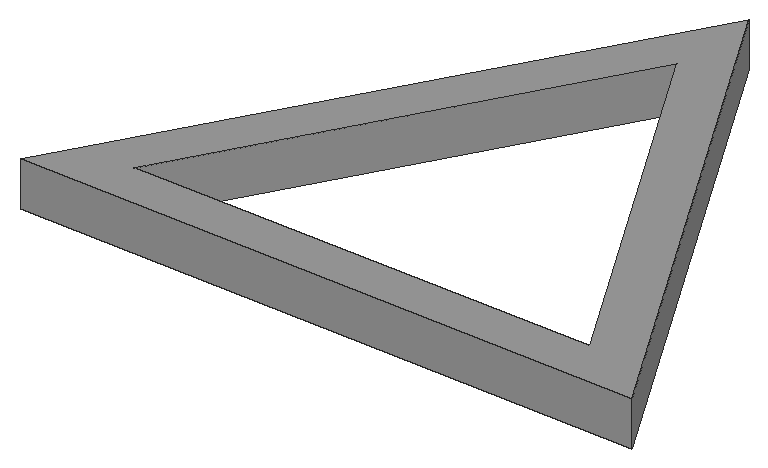
Revit family "Tria Light", category Lighting Fixtures, Revit 2022
Family settings
  Round Connector Dimension = Use Diameter
  Part Type = Normal
  OmniClass Number = 23.80.70.00
  OmniClass Title = Lighting
  Work Plane-Based = No
  Always vertical = Yes
  Cut with Voids When Loaded = No
  Light Source = Yes
  Maintain Annotation Orientation = No
  Shared = No
  Room Calculation Point = No
Parameters (values of type "TRIA-180W-4000K-WH")
  Wattage Comments = "180W"
  Wattage = 121.178 W
  built-in parameter 1150110 = 1 (stored number, unit not read)
  URL = "https://www.abovealllighting.com/Product/LED-INDOOR-FIXTURE/Pendant/TRIAPendantLight.html"
  built-in parameter 1114217 = 1 (stored number, unit not read)
  Tilt Angle = 90.00°
  built-in parameter 1150109 = 1 (stored number, unit not read)
  built-in parameter 1150134 = 12
  built-in parameter 1150113 = 1 (stored number, unit not read)
  Power Factor = "0.9"
  Photometric Web File = "TRIA-25-40901.ies"
  Model = "TRIA-18040901-ACPMK-WH"
  Manufacturer = "Above All Lighting"  # constant formula
  Lumens = 18000 lm
  built-in parameter 1150115 = 1 (stored number, unit not read)
  built-in parameter 1150105 = 3321.1 (stored number, unit not read)
  Load Classification = Lighting
  built-in parameter 1150137 = (empty or 0)
  built-in parameter 1150139 = (empty or 0)
  built-in parameter 1150112 = 1 (stored number, unit not read)
  built-in parameter 1150114 = 1 (stored number, unit not read)
  Lamp = "LED"
  Input Voltage = "120-277V"
  built-in parameter 1150132 = 2
  built-in parameter 1150102 = (empty or 0)
  built-in parameter 1150138 = (empty or 0)
  built-in parameter 1150107 = 4000 (stored number, unit not read)
  built-in parameter 1150106 = 33.211 (stored number, unit not read)
  built-in parameter 1150104 = 13.8 (stored number, unit not read)
  Dimming Lamp Color Temperature Shift = <None>
  Default Elevation = 0' - 0"
  Color Filter = 16777215
  CRI = "90"
  built-in parameter 1114218 = 1 (stored number, unit not read)
  built-in parameter 1150133 = 10 (stored number, unit not read)
  90W = no
  40W = no
  25W = no
  180W = yes
Types (5): name | Wattage Comments | Wattage | Model | Lumens | built-in parameter 1150105 | built-in parameter 1150106 | 90W | 40W | 25W | 180W
  (no name) | "180W" | 121.178 W | "TRIA-18040901-ACPMK-WH" | 18000 lm | 3321.1 (stored number, unit not read) | 33.211 (stored number, unit not read) | no | no | no | yes
  TRIA-25W-4000K-WH | "25W" | 16.8303 W | "TRIA-2540901-ACPMK-WH" | 2500 lm | 198.94 (stored number, unit not read) | 1.9894 (stored number, unit not read) | no | no | yes | no
  TRIA-40W-4000K-WH | "40W" | 26.9284 W | "TRIA-4040901-ACPMK-WH" | 4000 lm | 738.02 (stored number, unit not read) | 7.3802 (stored number, unit not read) | no | yes | no | no
  TRIA-90W-4000K-WH | "90W" | 60.5889 W | "TRIA-9040901-ACPMK-WH" | 9000 lm | 1660.6 (stored number, unit not read) | 16.606 (stored number, unit not read) | yes | no | no | no
  TRIA-180W-4000K-WH | "180W" | 121.178 W | "TRIA-18040901-ACPMK-WH" | 18000 lm | 3321.1 (stored number, unit not read) | 33.211 (stored number, unit not read) | no | no | no | yes
Reference planes (in)
  plane 1 "Light Source Axis (F/B)": y = 0
  plane 2: z = 0
  plane 3 "Light Source Axis (L/R)": x = 0
  plane 4 "Light Source Elevation": z = 54
Dimensions and locks (in)
  aligned and locked: plane 3 "Light Source Axis (L/R)" to imposter light
  aligned and locked: plane 1 "Light Source Axis (F/B)" to imposter light
  aligned and locked: plane 4 "Light Source Elevation" to imposter light
  aligned and locked: level to plane 2
Nested families (in)
  nested 1: "25W Tria Light" at (0, 0, 0), visible <- "25W", type "25W Tria Light"
  nested 2: "40W Tria Light" at (0, 0, 0), visible <- "40W", type "40W Tria Light"
  nested 3: "90W Tria Light" at (0, 0, 0), visible <- "90W", type "90W Tria Light"
  nested 4: "180W Tria Light" at (0, 0, 0), visible <- "180W", type "180W Tria Light"
Definition of nested family "25W Tria Light"
  Parameters (values of type "25W Tria Light")
    Power Factor = ""
    Manufacturer = "Above All Lighting"  # constant formula
    Load Classification = none
    Lamp = "LED"
    Input Voltage = ""
    IP Rating = ""
    Default Elevation = 0' - 0"
    CRI = ""
  Reference planes (in)
    plane 1 "Light Source Axis (F/B)": y = 0
    plane 2: z = 0
    plane 3 "Light Source Axis (L/R)": x = 0
    plane 4 "Light Source Elevation": z = 54
  Forms (in)
    Extrusion 1, solid
      sketch origin (0, -4.73239, 54) x (1, 0, 0) y (0, 1, 0)
        loop
          line (-8.2, 0) -> (8.2, 0) -> (0, 14.2) -> (-8.2, 0)
        loop
          line (-4.78969, 1.96875) -> (4.78969, 1.96875) -> (0, 10.26309) -> (-4.78969, 1.96875)
      from 0 to 3
    Extrusion 2, void
      sketch origin (0, 0, 54) x (1, 0, 0) y (0, 1, 0)
        loop
          line (0, 9.21764) -> (-7.98347, -4.60739) -> (7.98347, -4.60739) -> (0, 9.21764)
        loop
          line (-5.00621, -2.88864) -> (5.00621, -2.88864) -> (0, 5.78065) -> (-5.00621, -2.88864)
      from 0 to 2
    Extrusion 3, solid
      sketch origin (0, 0, 54) x (1, 0, 0) y (0, 1, 0)
        loop
          line (0, 9.21764) -> (-7.98347, -4.60739) -> (7.98347, -4.60739) -> (0, 9.21764)
        loop
          line (0, 5.78065) -> (-5.00621, -2.88864) -> (5.00621, -2.88864) -> (0, 5.78065)
      from 0 to 0.125
  Cuts and joins
    Extrusion 2 cuts Extrusion 1
  Dimensions and locks (in)
    aligned and locked: level to plane 2
Definition of nested family "40W Tria Light"
  Parameters (values of type "40W Tria Light")
    Power Factor = ""
    Manufacturer = "Above All Lighting"  # constant formula
    Load Classification = none
    Lamp = "LED"
    Input Voltage = ""
    IP Rating = ""
    Default Elevation = 0' - 0"
    CRI = ""
  Reference planes (in)
    plane 1 "Light Source Axis (F/B)": y = 0
    plane 2: z = 0
    plane 3 "Light Source Axis (L/R)": x = 0
    plane 4 "Light Source Elevation": z = 54
  Forms (in)
    Extrusion 1, solid
      sketch origin (0, -5.91901, 54) x (1, 0, 0) y (0, 1, 0)
        loop
          line (-10.25, 0) -> (10.25, 0) -> (0, 17.75) -> (-10.25, 0)
        loop
          line (-6.83969, 1.96875) -> (6.83969, 1.96875) -> (0, 13.81309) -> (-6.83969, 1.96875)
      from 0 to 3
    Extrusion 2, solid
      sketch origin (0, 2.36338, 54) x (1, 0, 0) y (0, 1, 0)
        loop
          line (0, 9.21764) -> (-10.03347, -8.15739) -> (10.03347, -8.15739) -> (0, 9.21764)
        loop
          line (0, 5.78065) -> (-7.05621, -6.43864) -> (7.05621, -6.43864) -> (0, 5.78065)
      from 0 to 0.125
    Extrusion 3, void
      sketch origin (0, -1.18662, 54) x (1, 0, 0) y (0, 1, 0)
        loop
          line (0, 12.76764) -> (-10.03347, -4.60739) -> (10.03347, -4.60739) -> (0, 12.76764)
        loop
          line (0, 9.33065) -> (-7.05621, -2.88864) -> (7.05621, -2.88864) -> (0, 9.33065)
      from 0 to 2
  Cuts and joins
    Extrusion 3 cuts Extrusion 1
  Dimensions and locks (in)
    aligned and locked: level to plane 2
Definition of nested family "90W Tria Light"
  Parameters (values of type "90W Tria Light")
    Power Factor = ""
    Manufacturer = "Above All Lighting"  # constant formula
    Load Classification = none
    Lamp = "LED"
    Input Voltage = ""
    IP Rating = ""
    Default Elevation = 0' - 0"
    CRI = ""
  Reference planes (in)
    plane 1 "Light Source Axis (F/B)": y = 0
    plane 2: z = 0
    plane 3 "Light Source Axis (L/R)": x = 0
    plane 4 "Light Source Elevation": z = 54
  Forms (in)
    Extrusion 1, solid
      sketch origin (0, -8.82229, 54) x (1, 0, 0) y (0, 1, 0)
        loop
          line (-14.37559, 0) -> (16.32441, 0) -> (0, 26.6) -> (-14.37559, 0)
        loop
          line (0.16505, 20.59553) -> (-9.34421, 3) -> (10.96342, 3) -> (0.16505, 20.59553)
      from 0 to 3
    Extrusion 2, solid
      sketch origin (0.00688, 8.30988, 54) x (1, 0, 0) y (0, 1, 0)
        loop
          line (0, 9.21764) -> (-14.17283, -17.00717) -> (16.09416, -17.00717) -> (0, 9.21764)
        loop
          line (0.15129, 3.71354) -> (-9.56072, -14.25717) -> (11.17991, -14.25717) -> (0.15129, 3.71354)
      from 0 to 0.125
    Extrusion 3, void
      sketch origin (0, -2.90328, 54) x (1, 0, 0) y (0, 1, 0)
        loop
          line (0.00688, 20.4308) -> (-14.16595, -5.79401) -> (16.10103, -5.79401) -> (0.00688, 20.4308)
        loop
          line (0.15817, 14.9267) -> (-9.55385, -3.04401) -> (11.18679, -3.04401) -> (0.15817, 14.9267)
      from 0 to 2
  Cuts and joins
    Extrusion 3 cuts Extrusion 1
  Dimensions and locks (in)
    aligned and locked: level to plane 2
Definition of nested family "180W Tria Light"
  Parameters (values of type "180W Tria Light")
    Power Factor = ""
    Manufacturer = "Above All Lighting"  # constant formula
    Load Classification = none
    Lamp = "LED"
    Input Voltage = ""
    IP Rating = ""
    Default Elevation = 0' - 0"
    CRI = ""
  Reference planes (in)
    plane 1 "Light Source Axis (F/B)": y = 0
    plane 2: z = 0
    plane 3 "Light Source Axis (L/R)": x = 0
    plane 4 "Light Source Elevation": z = 54
  Forms (in)
    Extrusion 1, solid
      sketch origin (0, -11.85734, 54) x (1, 0, 0) y (0, 1, 0)
        loop
          line (-20.4878, 0) -> (20.4878, 0) -> (0, 35.4) -> (-20.4878, 0)
        loop
          line (-15.28534, 3) -> (15.28534, 3) -> (0, 29.41089) -> (-15.28534, 3)
      from 0 to 3
    Extrusion 2, solid
      sketch origin (-0.89227, 5.27483, 54) x (1, 0, 0) y (0, 1, 0)
        loop
          line (0.89227, 18.01828) -> (-19.37876, -17.00717) -> (21.1633, -17.00717) -> (0.89227, 18.01828)
        loop
          line (0.89227, 12.52827) -> (-14.60983, -14.25717) -> (16.39438, -14.25717) -> (0.89227, 12.52827)
      from 0 to 0.125
    Extrusion 3, void
      sketch origin (0, -5.93832, 54) x (1, 0, 0) y (0, 1, 0)
        loop
          line (0, 29.23144) -> (-20.27103, -5.79401) -> (20.27103, -5.79401) -> (0, 29.23144)
        loop
          line (15.50211, -3.04401) -> (0, 23.74142) -> (-15.50211, -3.04401) -> (15.50211, -3.04401)
      from 0 to 2
  Cuts and joins
    Extrusion 3 cuts Extrusion 1
  Dimensions and locks (in)
    aligned and locked: level to plane 2
